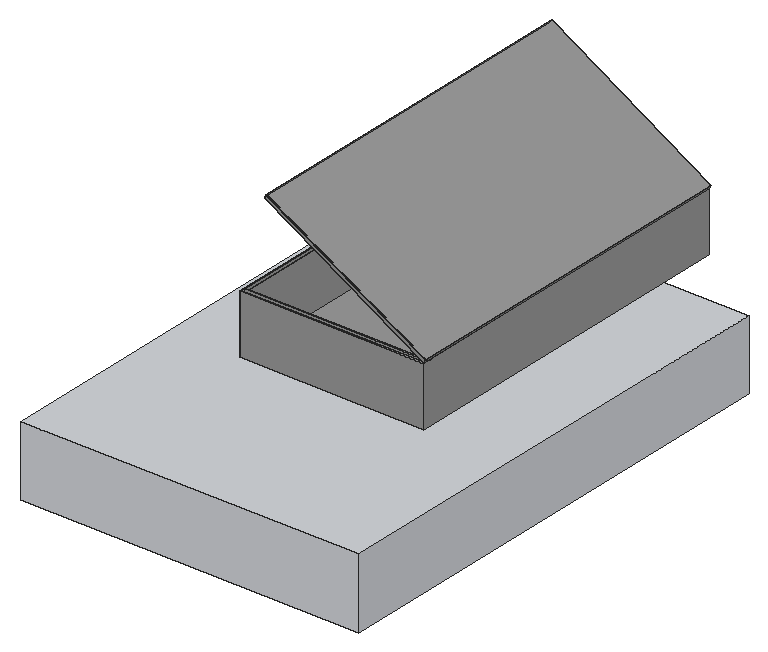
Revit family "Hager-Univers-IP55-D275-H1550-Cl.I-Steel_encl-PL-en", category Equipement électrique, Revit 2020
Family settings
  Hôte = Face
  Configuration du panneau = Deux colonnes, circuits au sein
  Cote de connecteur circulaire = Utiliser le diamètre
  Type d'élément = Tableau de raccordement
  Couper avec des vides une fois chargée = Non
  Partagée = Non
  Point de calcul de pièce = Non
Parameters (values of type "Surface mounted (plaster) IP55 W800 H1550 D275  - FR03E")
  Width Control [instance] = if([EF000008 - Width] > Min Width, [EF000008 - Width], Min Width)  # 800 mm
  Commentaires du type = [HG000003 - Range]  # "Univers"
  Thickness Door [instance] = if([EF009171 - Material plate thickness door/cover] > 3 mm, 3 mm, [EF009171 - Material plate thickness door/cover])  # 1.5 mm
  Seal Frame Offset [instance] = 17 mm  # constant formula
  Plinth Visibility [instance] = [HG000027 - Plinth height] > 0 mm  # no
  Model = ""
  Min Width [instance] = 100 mm  # constant formula
  Min Height [instance] = 100 mm  # constant formula
  Min Depth [instance] = (2 * [EF009170 - Material plate thickness cabinet]) + 1 mm  # 4 mm
  Internal Frame Depth [instance] = (Door System Depth * 0.5)  # 9 mm
  Height Control [instance] = if([EF000040 - Height] > Min Height, [EF000040 - Height], Min Height)  # 1550 mm
  HG000027 - Plinth height = 0 mm
  HG000026 - Floor standing = no
  HG000024 - Bottom section height = 800 mm
  HG000023 - Double section enclosure = no
  HG000016 - Door 3d visibility [instance] = yes
  HG000015 - Clearance visibility [instance] = no
  HG000014 - Door on the right [instance] = yes
  HG000013 - Door on the left [instance] = not([HG000014 - Door on the right])  # no
  HG000012 - Door swing angle [instance] = 30.00°
  HG000010 - Asymmetric doors = no
  HG000009 - Double swing door = no
  HG000006 - Flush mounted = no
  HG000004 - Manufacturer reference = "FR03E"
  HG000003 - Range = "Univers"
  HG000002 - With door or cover = yes
  Frame Offset Bottom [instance] = 10 mm  # constant formula
  Frame Offset [instance] = 15 mm  # constant formula
  EF015940 - Cover with overpressure release = no
  EF011959 - Degree of protection (NEMA) = ""
  EF009554 - Number of openings for flange plates = 6
  EF009212 - Cover model = "EV000116 - Closed"
  EF009171 - Material plate thickness door/cover = 1.5 mm
  EF009170 - Material plate thickness cabinet = 1.5 mm
  Fabricant = "Hager"  # constant formula
  EF008873 - Nominal current (In) = 800 A
  EF007800 - Suitable for lightning protection = no
  EF006306 - With lock = no
  EF006244 - Transparent cover/door = no
  EF005474 - Degree of protection (IP) = "EV006420 - IP55"
  EF004464 - Type of door = "EV002646 - Single"
  EF004427 - Number of modules = 360
  EF004293 - Impact strength = "EV008784 - IK10"
  EF003532 - Suitable for outdoor use = no
  EF002950 - Width in number of modular spacings = 24
  EF001613 - Circuit integrity = "EV000494 - None"
  EF001596 - Material housing = "EV000179 - Steel"
  EF001131 - Internal depth = 275 mm
  EF001088 - Extension possible = yes
  EF000437 - Number of conduit inlets = 6
  EF000339 - Type of cover = "EV004216 - Door"
  EF000266 - Number of rows = 10
  EF000218 - Built-in depth = 0 mm
  EF000118 - With mounting plate = no
  EF000116 - RAL-number = "7035"
  EF000049 - Depth = 275 mm
  EF000040 - Height = 1550 mm
  EF000008 - Width = 800 mm
  EF000007 - Colour = "EV000270 - Grey"
  EF000003 - Mounting method = "EV000384 - Surface mounted (plaster)"
  Door System Leaf Tolerance [instance] = 1.5 mm  # constant formula
  Door System Depth [instance] = 18 mm  # constant formula
  Door Height [instance] = Height Control - [HG000027 - Plinth height]  # 1550 mm
  Depth Control [instance] = if([EF000049 - Depth] > Min Depth, [EF000049 - Depth], Min Depth)  # 275 mm
  Default Elevation = 0 mm
  Connector Offset [instance] = Height Control / 2  # 775 mm
  Bottom Top Plate Trim [instance] = 1.5 mm  # constant formula
  Plinth height Ctrl [instance] = if([HG000027 - Plinth height] > 0 mm, [HG000027 - Plinth height], 12 mm)  # 12 mm
Types (5, lengths in mm): name | Width Control | HG000010 - Asymmetric doors | HG000009 - Double swing door | HG000004 - Manufacturer reference | EF009554 - Number of openings for flange plates | EF004464 - Type of door | EF004427 - Number of modules | EF000437 - Number of conduit inlets | EF000008 - Width
  Surface mounted (plaster) IP55 W1050 H1550 D275  - FR04E | 1050 | no | yes | "FR04E" | 8 | "EV003602 - Double" | 480 | 8 | 1050
  Surface mounted (plaster) IP55 W1300 H1550 D275  - FR05E | 1300 | yes | yes | "FR05E" | 10 | "EV003602 - Double" | 600 | 10 | 1300
  Surface mounted (plaster) IP55 W300 H1550 D275  - FR01E | 300 | no | no | "FR01E" | 2 | "EV002646 - Single" | 120 | 2 | 300
  Surface mounted (plaster) IP55 W550 H1550 D275  - FR02E | 550 | no | no | "FR02E" | 4 | "EV002646 - Single" | 240 | 4 | 550
  Surface mounted (plaster) IP55 W800 H1550 D275  - FR03E | 800 | no | no | "FR03E" | 6 | "EV002646 - Single" | 360 | 6 | 800
Reference planes
  plane 1 "Center (Front/Back)": y = 0
  plane 2: z = 0
  plane 3 "Center (Left/Right)": x = 0
  plane 4: z = 275
  plane 5: y = 1.5
  plane 6: y = 775
  plane 7: y = 0
  plane 8: y = 1550
  plane 9: z = 0
  plane 10: x = -385
  plane 11: x = 385
  plane 12: x = 383.5
  plane 13: x = -383.5
  plane 14: y = 1548.5
  plane 15: x = -383
  plane 16: x = -400
  plane 17: x = 383
  plane 18: x = 400
  plane 19: x = 398.5
  plane 20: x = -398.5
  plane 21: y = 11.5
  plane 22: y = 1550
  plane 23: y = 1533.5
  plane 24: z = 257
  plane 25: z = 1.5
  plane 26: z = 255.5
  plane 27: z = 273.5
Forms (mm)
  Extrusion 1, solid
    sketch origin (0, 0, 0) x (1, 0, 0) y (0, 1, 0)
      loop
        line (-702.964, 1305) -> (-702.964, -811.445) -> (766.763, -811.445) -> (766.763, 1305) -> (-702.964, 1305)
    from 0 to -304.8
  Extrusion 2, solid, material "Hager_Steel_RAL7035_Light_Grey", visible <- "Plinth Visibility", detail levels medium+fine
    sketch origin (0, 0, 0) x (1, 0, 0) y (0, 1, 0)
      loop
        line (-400, 0) -> (400, 0) -> (400, 12) -> (-400, 12) -> (-400, 0)
    from 0 to 257
  Extrusion 3, solid, material "Hager_Steel_RAL7035_Light_Grey", detail levels medium+fine
    sketch origin (0, 0, 0) x (1, 0, 0) y (0, 1, 0)
      loop
        line (-400, 0) -> (400, 0) -> (400, 1550) -> (-400, 1550) -> (-400, 0)
    from 0 to 257
  Extrusion 4, void
    sketch origin (0, 0, 0) x (1, 0, 0) y (0, 1, 0)
      loop
        line (-398.5, 1.5) -> (398.5, 1.5) -> (398.5, 1548.5) -> (-398.5, 1548.5) -> (-398.5, 1.5)
    from 1.5 to 255.5
  Extrusion 5, void
    sketch origin (-381.607, -4572, 257) x (0, -1, 0) y (-1, 0, 0)
      loop
        line (-4583.5, 1.893) -> (-6105.5, 1.893) -> (-6105.5, -765.107) -> (-4583.5, -765.107) -> (-4583.5, 1.893)
    from 0 to 1.5 <- "EF009170 - Material plate thickness cabinet"
  Extrusion 6, solid, material "Hager_Steel_RAL7035_Light_Grey", detail levels fine
    sketch origin (0, 0, 257) x (1, 0, 0) y (0, 1, 0)
      loop
        line (-383.5, 1533.5) -> (-383.5, 11.5) -> (383.5, 11.5) -> (383.5, 1533.5) -> (-383.5, 1533.5)
      loop
        line (-385, 10) -> (385, 10) -> (385, 1535) -> (-385, 1535) -> (-385, 10)
    from 0 to 9 <- "Internal Frame Depth"
  Extrusion 7, solid, material "Hager_Steel_RAL7035_Light_Grey", detail levels coarse
    sketch origin (0, 0, 0) x (1, 0, 0) y (0, 1, 0)
      loop
        line (-400, 0) -> (400, 0) -> (400, 1550) -> (-400, 1550) -> (-400, 0)
    from 0 to 275
  Sweep 8, void
    path in 3D
      loop
        line (-400, 12, 0) -> (400, 12, 0) -> (400, 12, 257) -> (-400, 12, 257) -> (-400, 12, 0)
    profile origin (-400, 12, 128.5) x (-1, 0, 0) y (0, -1, 0)
      loop
        line (0, 0) -> (0, 1.5) -> (-1.5, 1.5)
        arc (-1.5, 1.5) -> (-1.061, 0.439) -> (0, 0) r 1.5
Cuts and joins
  Extrusion 4, Extrusion 5 cuts Extrusion 3
  Sweep 8 cuts Extrusion 2
Lines and regions (mm)
  Masking region 1
    outline origin (0, 0, 0) x (1, 0, 0) y (0, 0, 1)
      loop
        line (-400, 275) -> (-400, 0) -> (400, 0) -> (400, 275) -> (-400, 275)
  Masking region 2, detail levels medium+fine
    outline origin (0, 140, 0) x (0, 1, 0) y (0, 0, 1)
      loop
        line (-140, 0) -> (1410, 0) -> (1410, 257) -> (-140, 257) -> (-140, 0)
  Masking region 3, not visible, detail levels medium+fine
    outline origin (0, 297.922, 0) x (0, 1, 0) y (0, 0, 1)
      loop
        line (488.578, 0) -> (528.578, 0) -> (528.578, 263.5)
        arc (528.578, 263.5) -> (525.649, 270.571) -> (518.578, 273.5) r 10
        line (518.578, 273.5) -> (488.578, 273.5) -> (488.578, 0)
  Masking region 4, detail levels coarse
    outline origin (0, 0, 180) x (0, 1, 0) y (0, 0, 1)
      loop
        line (0, -180) -> (1550, -180) -> (1550, 95) -> (0, 95) -> (0, -180)
  Masking region 5, visible <- "Plinth Visibility", detail levels medium+fine
    outline origin (0, 52.24, 12.345) x (0, 0, -1) y (0, 1, 0)
      loop
        line (10.845, -40.24) -> (-243.155, -40.24)
        arc (-243.155, -40.24) -> (-243.594, -41.301) -> (-244.655, -41.74) r 1.5
        line (-244.655, -41.74) -> (-244.655, -52.24) -> (12.345, -52.24) -> (12.345, -41.74)
        arc (12.345, -41.74) -> (11.285, -41.301) -> (10.845, -40.24) r 1.5
  Masking region 6, detail levels medium+fine
    outline origin (-381.607, -4572, 257) x (-1, 0, 0) y (0, -1, 0)
      loop
        line (18.393, -6122) -> (18.393, -4572) -> (-781.607, -4572) -> (-781.607, -6122) -> (18.393, -6122)
  Masking region 7, visible <- "Plinth Visibility", detail levels medium+fine
    outline origin (-381.607, -4727, 257) x (-1, 0, 0) y (0, -1, 0)
      loop
        arc (16.893, -4739) -> (17.332, -4737.939) -> (18.393, -4737.5) r 1.5
        line (18.393, -4737.5) -> (18.393, -4727) -> (-781.607, -4727) -> (-781.607, -4737.5)
        arc (-781.607, -4737.5) -> (-780.546, -4737.939) -> (-780.107, -4739) r 1.5
        line (-780.107, -4739) -> (16.893, -4739)
  Masking region 8, detail levels coarse
    outline origin (-442.548, -4669.526, 257) x (-1, 0, 0) y (0, -1, 0)
      loop
        line (-42.548, -6219.526) -> (-42.548, -4669.526) -> (-842.548, -4669.526) -> (-842.548, -6219.526) -> (-42.548, -6219.526)
  sketch lines
    curve 1: line (-400, 12, 257) -> (-400, 12, 0)
    curve 2: line (400, 12, 257) -> (-400, 12, 257)
    curve 3: line (400, 12, 257) -> (400, 12, 0)
    curve 4: line (-400, 12, 0) -> (400, 12, 0)
Dimensions and locks
  "Depth Control": plane 4 to Extrusion 1
  "HG000027 - Plinth height": plane 1 "Center (Front/Back)" to plane 7
  "EF009170 - Material plate thickness cabinet": plane 5 to plane 7
  locked: connector elem to plane 3 "Center (Left/Right)"
  equal spacing: plane 8, plane 6, plane 7
  locked: connector elem to plane 6
  "EF009170 - Material plate thickness cabinet": plane 8 to plane 14
  "EF009170 - Material plate thickness cabinet": plane 10 to plane 13
  "EF009170 - Material plate thickness cabinet": plane 12 to plane 11
  "Frame Offset": plane 20 to plane 13
  "Frame Offset": plane 12 to plane 19
  "EF009170 - Material plate thickness cabinet": plane 16 to plane 20
  "EF009170 - Material plate thickness cabinet": plane 19 to plane 18
  "Seal Frame Offset": plane 16 to plane 15
  "Seal Frame Offset": plane 17 to plane 18
  "Frame Offset Bottom": plane 21 to plane 5
  "Frame Offset": plane 14 to plane 23
  equal spacing: plane 16, plane 3 "Center (Left/Right)", plane 18
  "Width Control": plane 16 to plane 18
  "EF009170 - Material plate thickness cabinet": plane 4 to plane 27
  "EF009170 - Material plate thickness cabinet": plane 24 to plane 26
  "EF009170 - Material plate thickness cabinet": plane 25 to level
  "Door System Depth": plane 4 to plane 24
  "Height Control": plane 1 "Center (Front/Back)" to Extrusion 7 sketch curve
  "Height Control": Masking region 4 sketch curve to plane 1 "Center (Front/Back)"
  "Height Control": plane 1 "Center (Front/Back)" to plane 22
  "Bottom Top Plate Trim": profile plane to Sweep 8 sketch curve
  "Bottom Top Plate Trim": Sweep 8 sketch curve to profile plane
  "Plinth height Ctrl": plane 1 "Center (Front/Back)" to Extrusion 2 sketch curve
  "Plinth height Ctrl": Masking region 5 sketch curve to plane 1 "Center (Front/Back)"
  "Plinth height Ctrl": plane 1 "Center (Front/Back)" to Masking region 7 sketch curve
  "Thickness Door": Extrusion 6 sketch curve to Extrusion 6 sketch curve  (x3)
  "Thickness Door": cut or joined group of Extrusion 3, Extrusion 4, Extrusion 5 to Extrusion 6 sketch curve
  radius of Masking region 3 sketch curve = 10 mm
  "Bottom Top Plate Trim": radius of Masking region 5 sketch curve  (x2)
  "Bottom Top Plate Trim": radius of Sweep 8 sketch curve
  "Bottom Top Plate Trim": radius of Masking region 7 sketch curve  (x2)
  aligned and locked: plane 2 to Extrusion 1
  aligned and locked: level to Extrusion 1
  aligned and locked: level to Masking region 1 sketch curve
  aligned and locked: Masking region 1 sketch curve to plane 18
  aligned and locked: Masking region 1 sketch curve to plane 16
  aligned and locked: plane 7 to Masking region 2 sketch curve
  aligned and locked: level to Masking region 3 sketch curve
  aligned and locked: Masking region 3 sketch curve to plane 27
  aligned and locked: level to Masking region 2 sketch curve
  aligned and locked: plane 1 "Center (Front/Back)" to Extrusion 2 sketch curve
  aligned and locked: Extrusion 3 sketch curve to plane 7
  aligned and locked: plane 16 to Extrusion 3 sketch curve
  aligned and locked: plane 18 to Extrusion 3 sketch curve
  aligned and locked: plane 20 to Extrusion 4 sketch curve
  aligned and locked: plane 19 to Extrusion 4 sketch curve
  aligned and locked: Extrusion 4 sketch curve to plane 5
  aligned and locked: Extrusion 4 to plane 25
  aligned and locked: plane 26 to Extrusion 4
  aligned and locked: plane 24 to Extrusion 3
  aligned and locked: Extrusion 5 sketch curve to plane 21
  aligned and locked: Extrusion 5 sketch curve to plane 13
  aligned and locked: Extrusion 5 sketch curve to plane 12
  aligned and locked: plane 18 to Extrusion 7 sketch curve
  aligned and locked: plane 1 "Center (Front/Back)" to Extrusion 7 sketch curve
  aligned and locked: plane 16 to Extrusion 7 sketch curve
  aligned and locked: plane 4 to Extrusion 7
  aligned and locked: Extrusion 7 to level
  aligned and locked: level to Masking region 4 sketch curve
  aligned and locked: Masking region 4 sketch curve to plane 1 "Center (Front/Back)"
  aligned and locked: Masking region 4 sketch curve to plane 4
  aligned and locked: nested 1 to level
  aligned and locked: nested 1 to plane 16
  aligned and locked: plane 8 to Extrusion 3 sketch curve
  aligned and locked: plane 23 to Extrusion 5 sketch curve
  aligned and locked: plane 14 to Extrusion 4 sketch curve
  aligned and locked: Masking region 2 sketch curve to plane 8
  aligned and locked: level to Masking region 5 sketch curve
  aligned and locked: plane 16 to Extrusion 2 sketch curve
  aligned and locked: plane 18 to Extrusion 2 sketch curve
  aligned and locked: Masking region 5 sketch curve to plane 24
  aligned and locked: Masking region 2 sketch curve to plane 24
  aligned and locked: plane 24 to Extrusion 2
  aligned and locked: profile plane to Sweep 8 sketch curve  (x2)
  aligned and locked: Masking region 6 sketch curve to plane 18
  aligned and locked: Masking region 6 sketch curve to plane 22
  aligned and locked: Masking region 6 sketch curve to plane 16
  aligned and locked: plane 8 to plane 22
  aligned and locked: Masking region 6 sketch curve to plane 7
  aligned and locked: Masking region 7 sketch curve to plane 16
  aligned and locked: Masking region 7 sketch curve to plane 1 "Center (Front/Back)"
  aligned and locked: Masking region 7 sketch curve to plane 18
  aligned and locked: Masking region 8 sketch curve to plane 1 "Center (Front/Back)"
  aligned and locked: Masking region 8 sketch curve to plane 18
  aligned and locked: Masking region 8 sketch curve to plane 22
  aligned and locked: Masking region 8 sketch curve to plane 16
  aligned and locked: nested 2 to plane 7
  aligned and locked: plane 3 "Center (Left/Right)" to nested 2
  aligned and locked: nested 2 to plane 24
  aligned and locked: Extrusion 6 sketch curve to cut or joined group of Extrusion 3, Extrusion 4, Extrusion 5  (x4)
Automatic sketch dimensions
  Extrusion 1 sketch curve to Extrusion 1 sketch curve = 1469.727 mm
  Extrusion 1 sketch curve to Extrusion 1 sketch curve = 2116.445 mm
  Masking region 1 sketch curve to plane 4 = 0 mm
  plane 6 to Masking region 3 sketch curve = 11.5 mm
  Masking region 3 sketch curve to Masking region 3 sketch curve = 30 mm
  Masking region 5 sketch curve to plane 1 "Center (Front/Back)" = 0 mm
Nested families
  nested 1: "Hager_Enclosure_Symbol" at (-400, 0, 0) x (1, 0, 0) z (0, -1, 0), Height <- "Depth Control", Width <- "Width Control", type "Hager_Enclosure_Symbol"
    with Width_Ctrl 800 mm, Width 800 mm, Height_Ctrl 275 mm, Height 275 mm, A_Width_Int 18.047 mm, A_Width 216.562 mm, A_Height_Ctrl 240.625 mm, A_Height 240.625 mm
  nested 2: "EC000058_Univers_Door" at (0, 0, 257) x (1, 0, 0) z (0, 1, 0), Leaf_Tolerance <- "Door System Leaf Tolerance", Angle <- "HG000012 - Door swing angle", Door_Depth <- "Door System Depth", Door_Left <- "HG000013 - Door on the left", Transparent <- "EF006244 - Transparent cover/door", Assymetrical <- "HG000010 - Asymmetric doors", Width <- "Width Control", Clearance <- "HG000015 - Clearance visibility", Double <- "HG000009 - Double swing door", 3d_Door <- "HG000016 - Door 3d visibility", Lock_Visibility <- "EF006306 - With lock", Width_Ctrl <- "Width Control", Door_Right <- "HG000014 - Door on the right", Door <- "HG000002 - With door or cover", Height <- "Door Height", Thickness <- "Thickness Door", type "EC000058_Univers_Door", detail levels medium+fine
    with min_wh 4 mm, Width_Ctrl 800 mm, Width 800 mm, Transparent no, Thickness 1.5 mm, Seal_Material Hager_Rubber, Lock_Visibility no, Lock_Material Hager_Plastic_RAL9005_Jet_Black, Leaf_Width 800 mm, Leaf_Tolerance_External_Sides 0 mm, Leaf_Tolerance 1.5 mm, Leaf_Offset 0 mm, Leaf_Height 1547 mm, Leaf_2_Width 800 mm, Leaf_2_Offset 400 mm, Leaf_1_Width 800 mm, Leaf_1_Offset 400 mm, Height_Ctrl 1550 mm, Height 1550 mm, Glass_Material Hager_Glass, Double_Clearance_Ctrl no, Double no, Door_Right_Ctrl yes, Door_Right yes, Door_Material Hager_Steel_RAL7035_Light_Grey, Door_Left_Ctrl no, Door_Left no, Door_Depth 18 mm, Door yes, Clearance_Material Hager_Clearance, Clearance_Depth 800 mm, Clearance_Ctrl no, Clearance no, Assymetrical no, Angle 30.00°, 3d_Door yes
Connectors
  electrical at (0, 775, 0)
    settings: on plane 9, index 1, voltage 0 V, apparent load 0 VA, apparent load phase1 0 VA, apparent load phase2 0 VA, apparent load phase3 0 VA, power factor 1, load classification "Other", number of poles 1, system type 30, power factor state 1, is connector primary yes, connector utility no, sub classification motor no, connector description ""
Definition of nested family "EC000058_Univers_Door"
  Parameters (values of type "EC000058_Univers_Door")
    min_wh [instance] = (2 * Thickness) + 1 mm  # 11 mm
    Width_Ctrl [instance] = 400 mm
    Width [instance] = 500 mm
    Transparent [instance] = yes
    Thickness [instance] = 5 mm
    Seal_Material [instance] = none
    Lock_Visibility [instance] = yes
    Lock_Material [instance] = none
    Leaf_Width [instance] = if((Width_Ctrl - 2 * Leaf_Tolerance_External_Sides) > 0 mm, (Width_Ctrl - 2 * Leaf_Tolerance_External_Sides), min_wh)  # 400 mm
    Leaf_Tolerance_External_Sides [instance] = 0 mm  # constant formula
    Leaf_Tolerance [instance] = 1.5 mm
    Leaf_Offset [instance] = 0 mm  # constant formula
    Leaf_Height [instance] = if((Height_Ctrl - 2 * Leaf_Tolerance) > 0 mm, (Height_Ctrl - 2 * Leaf_Tolerance), min_wh)  # 497 mm
    Leaf_2_Width [instance] = if(and(and(Double, Assymetrical), Door_Left), (Leaf_Width / 3) - (Leaf_Tolerance / 2), if(and(and(Double, Assymetrical), Door_Right), (Leaf_Width / 3) * 2 - (Leaf_Tolerance / 2), if(and(Double, not(Assymetrical)), (Leaf_Width / 2) - Leaf_Tolerance, Leaf_Width)))  # 400 mm
    Leaf_2_Offset [instance] = if(and(Double, Assymetrical), Leaf_2_Width / 2, if(and(Double, not(Assymetrical)), Leaf_Width / 4, Leaf_Width / 2))  # 200 mm
    Leaf_1_Width [instance] = if(and(and(Double, Assymetrical), Door_Right), (Leaf_Width / 3) - (Leaf_Tolerance / 2), if(and(and(Double, Assymetrical), Door_Left), (Width / 3) * 2 - (Leaf_Tolerance / 2), if(and(Double, not(Assymetrical)), (Leaf_Width / 2) - Leaf_Tolerance, Leaf_Width)))  # 400 mm
    Leaf_1_Offset [instance] = if(and(Double, Assymetrical), Leaf_1_Width / 2, if(and(Double, not(Assymetrical)), Leaf_Width / 4, Leaf_Width / 2))  # 200 mm
    Height_Ctrl [instance] = if(Height > min_wh, Height, min_wh)  # 500 mm
    Height [instance] = 500 mm
    Glass_Material [instance] = none
    Double_Clearance_Ctrl [instance] = and(Double, Clearance)  # no
    Double [instance] = no
    Door_Right_Ctrl [instance] = and(or(Door_Right, Double), Door)  # yes
    Door_Right [instance] = yes
    Door_Material [instance] = none
    Door_Left_Ctrl [instance] = and(or(Door_Left, Double), Door)  # no
    Door_Left [instance] = no
    Door_Depth [instance] = 30 mm
    Door [instance] = yes
    Default Elevation = 1219.2 mm
    Clearance_Material [instance] = none
    Clearance_Depth [instance] = if(Leaf_1_Width > Leaf_2_Width, Leaf_1_Width, Leaf_2_Width)  # 400 mm
    Clearance_Ctrl [instance] = and(not(Double), Clearance)  # yes
    Clearance [instance] = yes
    Assymetrical [instance] = yes
    Angle [instance] = 30.00°
    3d_Door [instance] = yes
  Reference planes
    plane 1 "Center (Front/Back)": y = 0
    plane 2 "Bottom": z = 0
    plane 3 "Center (Left/Right)": x = 0
    plane 4: z = 500
    plane 5: x = -200
    plane 6: x = 200
    plane 7: z = 500
    plane 8: x = -200
    plane 9: z = 0
    plane 10: x = 200
    plane 11: y = 0
    plane 12: z = 1.5
    plane 13: x = -600
    plane 14: y = -400
    plane 15: x = 600
    plane 16: x = 0
    plane 17: x = 0
    plane 18: x = -200
    plane 19: x = 200
    plane 20: z = 498.5
  Forms (mm)
    Extrusion 1, solid, material <- "Clearance_Material", visible <- "Double_Clearance_Ctrl"
      sketch origin (1200, 0, 0) x (1, 0, 0) y (0, 0, -1)
        loop
          line (-1800, -498.5) -> (-600, -498.5) -> (-600, 0) -> (-1800, 0) -> (-1800, -498.5)
      from 0 to -400
  Dimensions and locks
    equal spacing: plane 5, plane 3 "Center (Left/Right)", plane 6
    "Width_Ctrl": plane 5 to plane 6
    "Leaf_Offset": plane 5 to plane 8
    "Leaf_Offset": plane 6 to plane 10
    "Leaf_Offset": plane 9 to level
    "Leaf_Offset": plane 4 to plane 7
    "Height_Ctrl": plane 4 to level
    "Leaf_Tolerance": plane 12 to plane 9
    locked: plane 11 to plane 1 "Center (Front/Back)"
    "Leaf_1_Offset": plane 18 to plane 16
    "Leaf_2_Offset": plane 17 to plane 19
    "Leaf_1_Width": plane 13 to plane 8
    "Leaf_2_Width": plane 10 to plane 15
    "Clearance_Depth": plane 14 to plane 1 "Center (Front/Back)"
    "Leaf_Tolerance_External_Sides": plane 8 to plane 18
    "Leaf_Tolerance_External_Sides": plane 19 to plane 10
    "Leaf_Tolerance": plane 7 to plane 20
    aligned and locked: level to plane 2 "Bottom"
    aligned and locked: nested 1 to plane 16
    aligned and locked: nested 2 to plane 17
    aligned and locked: Extrusion 1 to plane 13
    aligned and locked: plane 15 to Extrusion 1
    aligned and locked: Extrusion 1 to plane 14
    aligned and locked: plane 12 to nested 1
    aligned and locked: nested 2 to plane 12
    aligned and locked: Extrusion 1 to plane 11
    aligned and locked: plane 20 to Extrusion 1
    aligned and locked: nested 2 to plane 11
    aligned and locked: nested 1 to plane 11
  Automatic sketch dimensions
    Extrusion 1 sketch curve to level = 0 mm
    plane 5 to Extrusion 1 sketch curve = 400 mm
    plane 6 to Extrusion 1 sketch curve = 400 mm
    Extrusion 1 sketch curve to plane 4 = 1.5 mm
  Nested families
    nested 1: "EC000058_Univers_Door_Leaf" at (0, 0, 1.5), Width <- "Leaf_1_Width", visible <- "Door_Left_Ctrl", Leaf_Height <- "Leaf_Height", Angle <- "Angle", 3d_Door <- "3d_Door", Transparent <- "Transparent", Clearance Material <- "Clearance_Material", Clearance <- "Clearance_Ctrl", Door_Material <- "Door_Material", Glass_Material <- "Glass_Material", Door_Depth <- "Door_Depth", Lock_Material <- "Lock_Material", Seal_Material <- "Seal_Material", Lock_Visibility <- "Lock_Visibility", Thickness <- "Thickness", type "EC000058_Univers_Door_Leaf"
      with Width 400 mm, Transparent_Glass_Offset 30 mm, Transparent_Ctrl yes, Transparent yes, Thickness 5 mm, Standard no, Seal_Material none, Seal_D2 8 mm, Seal_D1 1 mm, Offset_Internal_Frame 10 mm, Lock_Width 20 mm, Lock_Visibility_3d yes, Lock_Visibility yes, Lock_Thickness_3 3 mm, Lock_Thickness_2 1 mm, Lock_Thickness_1 3 mm, Lock_Radius_Offset_2 16 mm, Lock_Radius_Offset_1 15 mm, Lock_Radius_2 5 mm, Lock_Radius 6 mm, Lock_Offset 5 mm, Lock_Material none, Lock_Height 80 mm, Lock_Cover_Top_Offset_2d 17 mm, Lock_Cover_Height -65 mm, Leaf_Height 497 mm, Internal_Seal_Thickness 8 mm, Internal_Seal_Depth_2 4.5 mm, Internal_Frame_Depth 25 mm, Glass_Thickness -1 mm, Glass_Offset -2 mm, Glass_Material none, Door_Material none, Door_Depth 30 mm, Clearance Material none, Clearance yes, Angle_Ctrl 30.00°, Angle 30.00°, 3d_Door yes
    nested 2: "EC000058_Univers_Door_Leaf" at (0, 0, 1.5) x (-1, 0, 0) z (0, 0, 1), Width <- "Leaf_2_Width", visible <- "Door_Right_Ctrl", Leaf_Height <- "Leaf_Height", Angle <- "Angle", 3d_Door <- "3d_Door", Transparent <- "Transparent", Clearance Material <- "Clearance_Material", Clearance <- "Clearance_Ctrl", Door_Material <- "Door_Material", Glass_Material <- "Glass_Material", Door_Depth <- "Door_Depth", Lock_Material <- "Lock_Material", Seal_Material <- "Seal_Material", Lock_Visibility <- "Lock_Visibility", Thickness <- "Thickness", type "EC000058_Univers_Door_Leaf"
      with Width 400 mm, Transparent_Glass_Offset 30 mm, Transparent_Ctrl yes, Transparent yes, Thickness 5 mm, Standard no, Seal_Material none, Seal_D2 8 mm, Seal_D1 1 mm, Offset_Internal_Frame 10 mm, Lock_Width 20 mm, Lock_Visibility_3d yes, Lock_Visibility yes, Lock_Thickness_3 3 mm, Lock_Thickness_2 1 mm, Lock_Thickness_1 3 mm, Lock_Radius_Offset_2 16 mm, Lock_Radius_Offset_1 15 mm, Lock_Radius_2 5 mm, Lock_Radius 6 mm, Lock_Offset 5 mm, Lock_Material none, Lock_Height 80 mm, Lock_Cover_Top_Offset_2d 17 mm, Lock_Cover_Height -65 mm, Leaf_Height 497 mm, Internal_Seal_Thickness 8 mm, Internal_Seal_Depth_2 4.5 mm, Internal_Frame_Depth 25 mm, Glass_Thickness -1 mm, Glass_Offset -2 mm, Glass_Material none, Door_Material none, Door_Depth 30 mm, Clearance Material none, Clearance yes, Angle_Ctrl 30.00°, Angle 30.00°, 3d_Door yes
  Definition of nested family "EC000058_Univers_Door_Leaf"
    Parameters (values of type "EC000058_Univers_Door_Leaf")
      Width [instance] = 2000 mm
      Transparent_Glass_Offset [instance] = 30 mm
      Transparent_Ctrl [instance] = and(Transparent, [3d_Door])  # yes
      Transparent [instance] = yes
      Thickness [instance] = 5 mm
      Standard [instance] = and(not(Transparent), [3d_Door])  # no
      Seal_Material [instance] = none
      Seal_D2 [instance] = 8 mm  # constant formula
      Seal_D1 [instance] = 1 mm  # constant formula
      Offset_Internal_Frame [instance] = 10 mm  # constant formula
      Lock_Width [instance] = 20 mm  # constant formula
      Lock_Visibility_3d [instance] = and(Lock_Visibility, [3d_Door])  # yes
      Lock_Visibility [instance] = yes
      Lock_Thickness_3 [instance] = 3 mm  # constant formula
      Lock_Thickness_2 [instance] = 1 mm  # constant formula
      Lock_Thickness_1 [instance] = 3 mm  # constant formula
      Lock_Radius_Offset_2 [instance] = Lock_Radius_Offset_1 + 1 mm  # 16 mm
      Lock_Radius_Offset_1 [instance] = 15 mm  # constant formula
      Lock_Radius_2 [instance] = Lock_Radius - 1 mm  # 5 mm
      Lock_Radius [instance] = 6 mm  # constant formula
      Lock_Offset [instance] = 5 mm  # constant formula
      Lock_Material [instance] = none
      Lock_Height [instance] = 80 mm  # constant formula
      Lock_Cover_Top_Offset_2d [instance] = Lock_Radius_Offset_2 + 1 mm  # 17 mm
      Lock_Cover_Height [instance] = -(Lock_Height - Lock_Radius_Offset_1)  # -65 mm
      Leaf_Height [instance] = 2720.336 mm
      Internal_Seal_Thickness [instance] = 8 mm  # constant formula
      Internal_Seal_Depth_2 [instance] = 4.5 mm  # constant formula
      Internal_Frame_Depth [instance] = if(Door_Depth - Thickness > 5 mm, Door_Depth - Thickness, 5 mm)  # 25 mm
      Glass_Thickness [instance] = if(Thickness > 15 mm, Glass_Offset + 10 mm, -1 mm)  # -1 mm
      Glass_Offset [instance] = if(Thickness > 15 mm, -(Thickness + 10 mm) / 2, -2 mm)  # -2 mm
      Glass_Material [instance] = none
      Door_Material [instance] = none
      Door_Depth [instance] = 30 mm
      Default Elevation = 0 mm
      Clearance Material [instance] = none
      Clearance [instance] = yes
      Angle_Ctrl [instance] = if(Angle > 180.00°, 180.00°, Angle)  # 90.00°
      Angle [instance] = 90.00°
      3d_Door [instance] = yes
    Reference planes
      plane 1 "Center (Front/Back)": y = 0
      plane 2: z = 0
      plane 3 "Center (Left/Right)": x = 0
      plane 4: y = 2000
      plane 5: x = -1000
      plane 6: x = 1000
      plane 7: x = -3000
      plane 8: z = 2720.336
      plane 9: z = 30
      plane 10: z = 2690.336
      plane 11: x = 970
      plane 12: x = -970
      plane 13: y = -3
      plane 14: z = 107.833
      plane 15: y = -5
      plane 16: y = -223.314
      plane 17: x = -1000
      plane 18: z = 1360.168
      plane 19: y = 30
    Forms (mm)
      Extrusion 1, solid, material <- "Clearance Material", visible <- "Clearance"
        sketch origin (0, 0, 0) x (1, 0, 0) y (0, 0, 1)
          loop
            line (-3000, 2720.336) -> (-3000, 0) -> (1000, 0) -> (1000, 2720.336) -> (-3000, 2720.336)
        from 0 to -2000
      Extrusion 2, solid, material <- "Door_Material", visible <- "Standard", detail levels medium+fine
        sketch origin (-1000, 0, 0) x (0, 1, 0) y (-1, 0, 0)
          loop
            line (0, 30) -> (0, 25) -> (2000, 25) -> (2000, 30) -> (0, 30)
        from 0 to 2720.336 <- "Leaf_Height"
      Extrusion 3, solid, material <- "Door_Material", visible <- "Transparent_Ctrl", detail levels medium+fine
        sketch origin (-1000, 0, 0) x (0, 1, 0) y (-1, 0, 0)
          loop
            line (0, 25) -> (2000, 25) -> (2000, 30) -> (0, 30) -> (0, 25)
        from 0 to 2720.336 <- "Leaf_Height"
      Extrusion 4, void
        sketch origin (-1025, 2000, 0) x (0, 1, 0) y (0, 0, -1)
          loop
            line (-30, -2690.336) -> (-30, -30) -> (-1970, -30) -> (-1970, -2690.336) -> (-30, -2690.336)
        from 0 to 5 <- "Thickness"
      Sweep 5, solid, material <- "Seal_Material", visible <- "Transparent_Ctrl", detail levels fine
        path in 3D
          loop
            line (-1025, 30, 30) -> (-1025, 30, 2690.336) -> (-1025, 1970, 2690.336) -> (-1025, 1970, 30) -> (-1025, 30, 30)
        profile origin (-1025, 1000, 30) x (1, 0, 0) y (0, 0, 1)
          loop
            line (0, 0) -> (0, -8) -> (1, -8) -> (1, 0) -> (0, 0)
      Extrusion 6, solid, material <- "Glass_Material", visible <- "Transparent_Ctrl", detail levels medium+fine
        sketch origin (-1030, 0, 0) x (0, 1, 0) y (0, 0, -1)
          loop
            line (1970, -2690.336) -> (1970, -30) -> (30, -30) -> (30, -2690.336) -> (1970, -2690.336)
        from -2 <- "Glass_Offset" to -1 <- "Glass_Thickness"
      Extrusion 7, solid, material <- "Door_Material", visible <- "3d_Door", detail levels medium+fine
        sketch origin (-1025, 2000, 0) x (0, -1, 0) y (0, 0, -1)
          loop
            line (0, -2720.336) -> (2000, -2720.336) -> (2000, 0) -> (0, 0) -> (0, -2720.336)
          loop
            line (1995, -5) -> (5, -5) -> (5, -2715.336) -> (1995, -2715.336) -> (1995, -5)
        from 0 to 25 <- "Internal_Frame_Depth"
      Sweep 8, solid, material <- "Seal_Material", visible <- "Transparent_Ctrl", detail levels fine
        path in 3D
          loop
            line (-1025, 0, 0) -> (-1025, 2000, 0) -> (-1025, 2000, 2720.336) -> (-1025, 0, 2720.336) -> (-1025, 0, 0)
        profile origin (-1025, 0, 1360.168) x (1, 0, 0) y (0, 1, 0)
          loop
            line (0, 10) -> (2.975, 10)
            arc (2.975, 10) -> (4.053, 10.447) -> (4.5, 11.525) r 1.525
            line (4.5, 11.525) -> (4.5, 16.527)
            arc (4.5, 16.527) -> (4.069, 17.569) -> (3.027, 18) r 1.473
            line (3.027, 18) -> (0, 18) -> (0, 10)
      Extrusion 9, solid, material <- "Lock_Material", visible <- "Lock_Visibility_3d", detail levels fine
        sketch origin (-1030, 0, 0) x (0, 1, 0) y (0, 0, -1)
          loop
            arc (1993.5, -1400.168) -> (1994.561, -1399.729) -> (1995, -1398.668) r 1.5
            line (1995, -1398.668) -> (1995, -1320.168) -> (1975, -1320.168) -> (1975, -1398.668)
            arc (1975, -1398.668) -> (1975.439, -1399.729) -> (1976.5, -1400.168) r 1.5
            line (1976.5, -1400.168) -> (1993.5, -1400.168)
        from 3 <- "Lock_Thickness_1" to 0
      Blend 10, solid, material <- "Lock_Material", visible <- "Lock_Visibility_3d", detail levels fine
        base sketch origin (-1033, 0, 0) x (0, 1, 0) y (0, 0, -1)
          loop
            line (1975, -1320.168) -> (1975, -1398.668)
            arc (1975, -1398.668) -> (1975.439, -1399.729) -> (1976.5, -1400.168) r 1.5
            line (1976.5, -1400.168) -> (1993.5, -1400.168)
            arc (1993.5, -1400.168) -> (1994.561, -1399.729) -> (1995, -1398.668) r 1.5
            line (1995, -1398.668) -> (1995, -1320.168) -> (1975, -1320.168)
        top sketch origin (-1033, 0, 0) x (0, 1, 0) y (0, 0, -1)
          loop
            line (1976, -1320.168) -> (1976, -1398.668)
            arc (1976, -1398.668) -> (1976.146, -1399.022) -> (1976.5, -1399.168) r 0.5
            line (1976.5, -1399.168) -> (1993.5, -1399.168)
            arc (1993.5, -1399.168) -> (1993.854, -1399.022) -> (1994, -1398.668) r 0.5
            line (1994, -1398.668) -> (1994, -1320.168) -> (1976, -1320.168)
        from 0 to 1 <- "Lock_Thickness_2"
      Blend 11, solid, material <- "Lock_Material", visible <- "Lock_Visibility_3d", detail levels fine
        base sketch origin (-1034, 0, 0) x (0, 1, 0) y (0, 0, -1)
          loop
            line (1978, -1320.168) -> (1978, -1384.168)
            arc (1978, -1384.168) -> (1985, -1391.168) -> (1992, -1384.168) r 7
            line (1992, -1384.168) -> (1992, -1320.168) -> (1978, -1320.168)
        top sketch origin (-1034, 0, 0) x (0, 1, 0) y (0, 0, -1)
          loop
            line (1991, -1320.168) -> (1979, -1320.168) -> (1979, -1383.168)
            arc (1979, -1383.168) -> (1985, -1389.168) -> (1991, -1383.168) r 6
            line (1991, -1383.168) -> (1991, -1320.168)
        from 0 to 3 <- "Lock_Thickness_3"
      Extrusion 12, solid, material <- "Lock_Material", visible <- "Lock_Visibility_3d", detail levels fine
        sketch origin (-1030, 1975, 1320.168) x (1, 0, 0) y (0, -1, 0)
          loop
            line (-7, -19) -> (-7, -1) -> (0, -1) -> (0, 0) -> (-8, 0) -> (-8, -20) -> (0, -20) -> (0, -19) -> (-7, -19)
        from 0 to -65 <- "Lock_Cover_Height"
      Extrusion 13, void
        sketch origin (-1038, 1995, 1320.168) x (-1, 0, 0) y (0, 0, -1)
          loop
            line (-5, -65) -> (0, -65) -> (-5, -60) -> (-5, -65)
        from 0 to 20 <- "Lock_Width"
      Extrusion 14, void
        sketch origin (-1038, 1975, 1320.168) x (0, -1, 0) y (0, 0, -1)
          loop
            circle (-10, -15.995) r 6
          loop
            circle (-10, -15.995) r 5
        from 0 to 2
      Extrusion 15, solid, material <- "Lock_Material", visible <- "Lock_Visibility_3d", detail levels medium
        sketch origin (-1030, 0, 0) x (0, 1, 0) y (0, 0, -1)
          loop
            arc (1993.5, -1400.168) -> (1994.561, -1399.729) -> (1995, -1398.668) r 1.5
            line (1995, -1398.668) -> (1995, -1320.168) -> (1975, -1320.168) -> (1975, -1398.668)
            arc (1975, -1398.668) -> (1975.439, -1399.729) -> (1976.5, -1400.168) r 1.5
            line (1976.5, -1400.168) -> (1993.5, -1400.168)
        from 8 to 0
    Cuts and joins
      Extrusion 4 cuts Extrusion 3
      Extrusion 13, Extrusion 14 cuts Extrusion 9
      Extrusion 14 cuts Blend 11
      Extrusion 13, Extrusion 14 cuts Extrusion 12
      joined: Extrusion 9, Blend 10, Blend 11, Extrusion 12
      Extrusion 14 cuts Extrusion 15
    Lines and regions (mm)
      Masking region 1, visible <- "Lock_Visibility", detail levels fine
        outline origin (0, 0, 0) x (0, 1, 0) y (0, 0, 1)
          loop
            line (30, 1320.168) -> (33, 1320.168) -> (33, 1400.168) -> (30, 1400.168) -> (30, 1320.168)
      Masking region 2, visible <- "Lock_Visibility", detail levels fine
        outline origin (0, 3.143, 0) x (0, 1, 0) y (0, 0, 1)
          loop
            line (29.857, 1354.168) -> (30.857, 1354.168) -> (30.857, 1366.168) -> (29.857, 1366.168) -> (29.857, 1354.168)
      Masking region 3, detail levels medium+fine
        outline origin (0, 0, 0) x (0, 1, 0) y (0, 0, 1)
          loop
            line (0, 0) -> (30, 0) -> (30, 2720.336) -> (0, 2720.336) -> (0, 0)
      Masking region 4, detail levels medium+fine
        outline origin (0, 0, 0) x (1, 0, 0) y (0, 0, 1)
          loop
            line (-1000, 2720.336) -> (-1000, 0) -> (1000, 0) -> (1000, 2720.336) -> (-1000, 2720.336)
      Masking region 5, visible <- "Lock_Visibility", detail levels fine
        outline origin (-47.116, 0, 0) x (1, 0, 0) y (0, 0, 1)
          loop
            arc (1024.616, 1399.168) -> (1023.556, 1398.729) -> (1023.116, 1397.668) r 1.5
            line (1023.116, 1397.668) -> (1023.116, 1320.168) -> (1041.116, 1320.168) -> (1041.116, 1397.668)
            arc (1041.116, 1397.668) -> (1040.677, 1398.729) -> (1039.616, 1399.168) r 1.5
            line (1039.616, 1399.168) -> (1024.616, 1399.168)
      Masking region 6, visible <- "Lock_Visibility", detail levels medium+fine
        outline origin (-25, 0, 0) x (1, 0, 0) y (0, 0, 1)
          loop
            arc (1001.5, 1400.168) -> (1000.439, 1399.729) -> (1000, 1398.668) r 1.5
            line (1000, 1398.668) -> (1000, 1320.168) -> (1020, 1320.168) -> (1020, 1398.668)
            arc (1020, 1398.668) -> (1019.561, 1399.729) -> (1018.5, 1400.168) r 1.5
            line (1018.5, 1400.168) -> (1001.5, 1400.168)
      Masking region 7, visible <- "Lock_Visibility", detail levels fine
        outline origin (-73.735, 0, 0) x (1, 0, 0) y (0, 0, 1)
          loop
            line (1051.735, 1382.168) -> (1065.735, 1382.168) -> (1065.735, 1384.168)
            arc (1065.735, 1384.168) -> (1058.735, 1391.168) -> (1051.735, 1384.168) r 7
            line (1051.735, 1384.168) -> (1051.735, 1382.168)
      Masking region 8, visible <- "Lock_Visibility", detail levels fine
        outline origin (-73.735, 0, 0) x (1, 0, 0) y (0, 0, 1)
          loop
            line (1052.735, 1382.168) -> (1064.735, 1382.168) -> (1064.735, 1383.168)
            arc (1064.735, 1383.168) -> (1058.735, 1389.168) -> (1052.735, 1383.168) r 6
            line (1052.735, 1383.168) -> (1052.735, 1382.168)
      Masking region 9, visible <- "Lock_Visibility", detail levels fine
        outline origin (-25, 0, 0) x (1, 0, 0) y (0, 0, 1)
          loop
            line (1020, 1320.168) -> (1020, 1382.168) -> (1000, 1382.168) -> (1000, 1320.168) -> (1020, 1320.168)
      Masking region 10, detail levels medium+fine
        outline origin (0, 0, 0) x (1, 0, 0) y (0, 0, 1)
          loop
            circle (985, 1335.144) r 6
      Masking region 11, detail levels fine
        outline origin (0, 0, 0) x (1, 0, 0) y (0, 0, 1)
          loop
            circle (985, 1335.144) r 5
      Masking region 12, visible <- "Lock_Visibility", detail levels fine
        outline origin (0, 12.767, 0) x (0, 1, 0) y (0, 0, 1)
          loop
            line (20.233, 1320.168) -> (21.233, 1320.168) -> (21.233, 1399.168) -> (20.233, 1400.168) -> (20.233, 1320.168)
      Masking region 13, visible <- "Lock_Visibility", detail levels fine
        outline origin (0, 13.767, -10) x (0, 1, 0) y (0, 0, 1)
          loop
            line (20.233, 1330.168) -> (23.233, 1330.168) -> (23.233, 1399.168) -> (20.233, 1402.168) -> (20.233, 1330.168)
      Masking region 14, visible <- "Lock_Visibility", detail levels fine
        outline origin (0, 12.767, -10) x (0, 1, 0) y (0, 0, 1)
          loop
            line (20.233, 1330.168) -> (25.233, 1330.168) -> (25.233, 1399.305) -> (20.233, 1394.305) -> (20.233, 1330.168)
      Masking region 15, visible <- "Lock_Visibility", detail levels medium
        outline origin (0, 0, 0) x (0, 1, 0) y (0, 0, 1)
          loop
            line (30, 1320.168) -> (38, 1320.168) -> (38, 1400.168) -> (30, 1400.168) -> (30, 1320.168)
      Masking region 16, visible <- "Lock_Visibility", detail levels fine
        outline origin (-1000, 0, 0) x (0, 1, 0) y (-1, 0, 0)
          loop
            line (1975, 30) -> (1995, 30) -> (1995, 38) -> (1975, 38) -> (1975, 30)
          loop
            line (1979, 37) -> (1976, 37) -> (1976, 34) -> (1978, 34) -> (1979, 37)
          loop
            line (1994, 37) -> (1991, 37) -> (1992, 34) -> (1994, 34) -> (1994, 37)
      Masking region 17, visible <- "Lock_Visibility", detail levels medium
        outline origin (-1000, 0, 0) x (0, 1, 0) y (-1, 0, 0)
          loop
            line (1975, 30) -> (1995, 30) -> (1995, 38) -> (1975, 38) -> (1975, 30)
      symbolic lines
        curve 1: line (1000, 0, 0) -> (-3000, 0, 0)
        curve 2: arc (1000, 0, 0) -> (-1000, 2000, 0) -> (-3000, 0, 0) r 2000
        curve 4: line (-1030, 0, 0) -> (-1030, 2000, 0)
      reference lines
        curve 3: line (-1000, 0, 0) -> (-1000, 2000, 0)
      symbolic lines, detail levels medium+fine
        curve 5: line (-1030, 2000, 0) -> (-1025, 2000, 0)
        curve 7: line (-1025, 0, 0) -> (-1030, 0, 0)
        curve 8: line (-1025, 0, 0) -> (-1000, 0, 0)
        curve 9: line (-1000, 0, 0) -> (-1000, 2000, 0)
        curve 10: line (-1000, 2000, 0) -> (-1025, 2000, 0)
      symbolic lines, detail levels fine
        curve 6: line (-1025, 2000, 0) -> (-1025, 0, 0)
      sketch lines
        curve 11: line (-1025, 0, 2720.336) -> (-1025, 0, 0)
        curve 12: line (-1025, 2000, 0) -> (-1025, 0, 0)
        curve 13: line (-1025, 2000, 2720.336) -> (-1025, 2000, 0)
        curve 14: line (-1025, 0, 2720.336) -> (-1025, 2000, 2720.336)
        curve 15: line (-1025, 1970, 30) -> (-1025, 30, 30)
        curve 16: line (-1025, 30, 30) -> (-1025, 30, 2690.336)
        curve 17: line (-1025, 1970, 2690.336) -> (-1025, 1970, 30)
        curve 18: line (-1025, 30, 2690.336) -> (-1025, 1970, 2690.336)
      symbolic lines, visible <- "Transparent", detail levels medium+fine
        curve 19: line (-970, 0, 2690.336) -> (970, 0, 2690.336)
        curve 20: line (-970, 0, 30) -> (-970, 0, 2690.336)
        curve 21: line (970, 0, 30) -> (-970, 0, 30)
        curve 22: line (970, 0, 2690.336) -> (970, 0, 30)
    Dimensions and locks
      "Width": plane 1 "Center (Front/Back)" to plane 4
      equal spacing: plane 5, plane 3 "Center (Left/Right)", plane 6
      "Width": plane 5 to plane 6
      "Width": plane 7 to plane 5
      "Leaf_Height": plane 8 to level
      "Width": curve 5 to curve 3
      "Width": curve 3 to curve 3
      plane 8 to plane 10 = 30 mm
      plane 9 to level = 30 mm
      plane 12 to plane 5 = 30 mm
      plane 6 to plane 11 = 30 mm
      Extrusion 1 to Extrusion 4 sketch curve = 30 mm
      "Transparent_Glass_Offset": curve 3 to Extrusion 4 sketch curve
      "Transparent_Glass_Offset": Extrusion 4 sketch curve to cut or joined group of Extrusion 3, Extrusion 4  (x2)
      cut or joined group of Extrusion 3, Extrusion 4 to Extrusion 6 sketch curve = 30 mm
      "Transparent_Glass_Offset": cut or joined group of Extrusion 3, Extrusion 4 to Extrusion 4 sketch curve
      "Thickness": curve 6 to curve 4
      "Thickness": Extrusion 7 sketch curve to Extrusion 7 sketch curve  (x4)
      "Door_Depth": curve 4 to curve 3
      "Offset_Internal_Frame": profile plane to Sweep 8 sketch curve
      "Internal_Seal_Thickness": Sweep 8 sketch curve to Sweep 8 sketch curve
      "Internal_Seal_Depth_2": profile plane to Sweep 8 sketch curve
      "Seal_D1": profile plane to Sweep 5 sketch curve
      "Seal_D2": profile plane to Sweep 5 sketch curve
      "Thickness": Extrusion 2 sketch curve to Extrusion 2 sketch curve
      equal spacing: Extrusion 9 sketch curve, plane 18, Extrusion 9 sketch curve  (x2)
      equal spacing: Masking region 1 sketch curve, plane 18, Masking region 1 sketch curve
      "Lock_Height": Masking region 1 sketch curve to Masking region 1 sketch curve
      "Lock_Radius": Masking region 2 sketch curve to plane 18 to Masking region 2 sketch curve
      Masking region 2 sketch curve to Masking region 1 = 1 mm
      "Door_Depth": plane 19 to plane 1 "Center (Front/Back)"
      "Lock_Thickness_1": Masking region 1 sketch curve to plane 19
      "Lock_Width": Extrusion 9 sketch curve to Extrusion 9 sketch curve
      "Lock_Height": Extrusion 9 sketch curve to Extrusion 9 sketch curve
      "Lock_Offset": cut or joined group of Extrusion 3, Extrusion 4 to Extrusion 9 sketch curve
      equal spacing: plane 8, plane 18, level
      "Lock_Radius_Offset_1": Blend 11 sketch curve to Blend 10
      locked: Blend 10 to Blend 11 sketch curve at 2  (x2)
      locked: var sketch to Blend 11 sketch curve at 1  (x2)
      "Lock_Radius_Offset_2": Blend 11 sketch curve to Blend 10
      locked: Extrusion 12 sketch curve to Extrusion 12 sketch curve at 1  (x3)
      Masking region 6 sketch curve to Masking region 6 sketch curve = 80 mm
      "Lock_Height": Masking region 6 sketch curve to Masking region 6 sketch curve
      "Lock_Width": Masking region 6 sketch curve to Masking region 6 sketch curve
      locked: Masking region 6 to Masking region 5 sketch curve at 1  (x3)
      locked: Masking region 5 to Masking region 7 sketch curve at 2  (x2)
      "Lock_Radius_Offset_1": Masking region 5 to Masking region 7 sketch curve
      "Lock_Radius_Offset_2": Masking region 5 to Masking region 8 sketch curve
      locked: Masking region 7 to Masking region 8 sketch curve at 1  (x2)
      "Lock_Cover_Top_Offset_2d": Masking region 5 to Masking region 9 sketch curve
      equal spacing: Masking region 9, Masking region 10 sketch curve, Masking region 9
      equal spacing: Masking region 9, Masking region 11 sketch curve, Masking region 9
      Extrusion 15 sketch curve to Extrusion 15 sketch curve = 80 mm
      "Lock_Width": Extrusion 15 sketch curve to Extrusion 15 sketch curve
      "Lock_Height": Extrusion 15 sketch curve to Extrusion 15 sketch curve
      equal spacing: Extrusion 15 sketch curve, plane 18, Extrusion 15 sketch curve
      "Lock_Thickness_3": Masking region 13 sketch curve to Masking region 13 sketch curve
      "Lock_Height": Masking region 12 sketch curve to Masking region 12 sketch curve
      locked: Masking region 13 sketch curve to Masking region 1 at 8
      locked: Masking region 14 sketch curve to Masking region 13 at 1
      locked: Masking region 14 sketch curve to Masking region 1 at 10.863
      "Lock_Height": Masking region 15 sketch curve to Masking region 15 sketch curve
      "Lock_Offset": Extrusion 15 sketch curve to cut or joined group of Extrusion 3, Extrusion 4
      "Lock_Offset": plane 6 to Masking region 6 sketch curve
      radius of Sweep 8 sketch curve = 1.525 mm
      radius of Sweep 8 sketch curve = 1.473 mm
      radius of Extrusion 9 sketch curve = 1.5 mm  (x2)
      "Lock_Radius": radius of Extrusion 14 sketch curve
      "Lock_Radius_2": radius of Extrusion 14 sketch curve
      "Lock_Radius": radius of Masking region 10 sketch curve
      "Lock_Radius_2": radius of Masking region 11 sketch curve
      radius of Extrusion 15 sketch curve = 1.5 mm  (x2)
      "Angle_Ctrl": angle plane 1 "Center (Front/Back)" to curve 3
      locked: Masking region 12 sketch curve to Masking region 12 sketch curve (angle 45.00°)
      locked: Masking region 13 sketch curve to Masking region 13 sketch curve (angle 45.00°)
      locked: Masking region 14 sketch curve to Masking region 14 sketch curve (angle 45.00°)
      aligned and locked: level to plane 2
      aligned and locked: Extrusion 1 to curve 1
      aligned and locked: plane 6 to Extrusion 1
      aligned and locked: Extrusion 1 to plane 1 "Center (Front/Back)"
      aligned and locked: plane 4 to Extrusion 1
      aligned and locked: plane 8 to Extrusion 1
      aligned and locked: curve 7 to Extrusion 2 sketch curve
      aligned and locked: curve 5 to Extrusion 2 sketch curve
      aligned and locked: curve 7 to Extrusion 3 sketch curve
      aligned and locked: Extrusion 3 sketch curve to curve 4
      aligned and locked: Extrusion 3 sketch curve to curve 6
      aligned and locked: Extrusion 3 sketch curve to curve 5
      aligned and locked: curve 9 to curve 3
      aligned and locked: Extrusion 7 sketch curve to cut or joined group of Extrusion 3, Extrusion 4  (x4)
      aligned and locked: plane 17 to curve 3
      aligned and locked: plane 1 "Center (Front/Back)" to curve 3
      aligned and locked: plane 17 to plane 5
      aligned and locked: Sweep 8 sketch curve to profile plane
      aligned and locked: Sweep 5 sketch curve to profile plane  (x2)
      aligned and locked: Masking region 1 to Masking region 2 sketch curve
      aligned and locked: plane 19 to Masking region 1 sketch curve
      aligned and locked: plane 1 "Center (Front/Back)" to Masking region 3 sketch curve
      aligned and locked: plane 19 to Masking region 3 sketch curve
      aligned and locked: level to Masking region 3 sketch curve
      aligned and locked: Masking region 3 sketch curve to plane 8
      aligned and locked: plane 17 to Masking region 4 sketch curve
      aligned and locked: level to Masking region 4 sketch curve
      aligned and locked: Masking region 4 sketch curve to plane 8
      aligned and locked: plane 12 to curve 20
      aligned and locked: plane 10 to curve 19
      aligned and locked: plane 11 to curve 22
      aligned and locked: curve 21 to plane 9
      aligned and locked: Extrusion 2 sketch curve to cut or joined group of Extrusion 3, Extrusion 4
      aligned and locked: Blend 10 sketch curve to Extrusion 9  (x4)
      aligned and locked: Extrusion 9 to Blend 10 sketch curve
      aligned and locked: Blend 10 to Blend 11 sketch curve
      aligned and locked: Extrusion 12 sketch curve to Blend 11
      aligned and locked: Extrusion 12 sketch curve to Extrusion 9  (x4)
      aligned and locked: Masking region 5 sketch curve to Masking region 6
      aligned and locked: Masking region 9 sketch curve to Masking region 6  (x3)
      aligned and locked: Masking region 12 sketch curve to Masking region 1
      aligned and locked: Masking region 13 sketch curve to Masking region 1
      aligned and locked: Masking region 12 to Masking region 14
      aligned and locked: Masking region 14 sketch curve to Masking region 1
      aligned and locked: Masking region 15 sketch curve to Masking region 14
      aligned and locked: Masking region 13 sketch curve to Masking region 12
      aligned and locked: Masking region 16 sketch curve to cut or joined group of Extrusion 14, Extrusion 15  (x4)
      aligned and locked: Masking region 16 sketch curve to cut or joined group of Extrusion 9, Blend 10, Blend 11, Extrusion 12, Extrusion 13, Extrusion 14  (x6)
      aligned and locked: cut or joined group of Extrusion 9, Blend 10, Blend 11, Extrusion 12, Extrusion 13, Extrusion 14 to Masking region 16 sketch curve
      aligned and locked: Masking region 17 sketch curve to cut or joined group of Extrusion 14, Extrusion 15  (x3)
      aligned and locked: Masking region 17 sketch curve to cut or joined group of Extrusion 9, Blend 10, Blend 11, Extrusion 12, Extrusion 13, Extrusion 14
      aligned and locked: Masking region 9 to Masking region 8 sketch curve
      aligned and locked: Masking region 9 to Masking region 7 sketch curve
    Automatic sketch dimensions
      plane 1 "Center (Front/Back)" to curve 2 = 0 mm
      curve 2 to plane 5 = 0 mm
      Extrusion 1 sketch curve to level = 0 mm
      Extrusion 1 sketch curve to plane 7 = 0 mm
      Extrusion 1 sketch curve to plane 6 = 0 mm
      Extrusion 1 sketch curve to plane 8 = 0 mm
      Extrusion 3 to Extrusion 6 sketch curve = 30 mm  (x4)
      Masking region 4 sketch curve to plane 6 = 0 mm
      Blend 10 sketch curve to Extrusion 9 = 1.5 mm
      Blend 10 sketch curve to Extrusion 9 = 1 mm
      Extrusion 13 sketch curve to Extrusion 12 = 0 mm  (x2)
      Extrusion 12 to Extrusion 13 sketch curve = 3 mm
      Extrusion 13 sketch curve to Extrusion 12 = 5 mm
      Extrusion 14 sketch curve to Extrusion 14 sketch curve = 0 mm  (x2)
      Extrusion 14 sketch curve to Extrusion 12 = 10 mm
      Extrusion 14 sketch curve to Extrusion 12 = 15.995 mm
      Masking region 5 sketch curve to Masking region 5 sketch curve = 1.5 mm  (x2)
      Masking region 10 sketch curve to plane 18 = 25.024 mm
      Masking region 11 sketch curve to plane 18 = 25.024 mm
      plane 19 to Masking region 14 sketch curve = 3 mm
      Masking region 16 sketch curve to Masking region 16 sketch curve = 3 mm
      curve 4 to curve 3 = 0 mm
      Blend 10 to Blend 11 sketch curve = 0 mm
      Masking region 6 sketch curve to Masking region 6 sketch curve = 1.5 mm  (x2)
      Masking region 6 sketch curve to plane 18 = 40 mm
      plane 19 to Masking region 12 sketch curve = 3 mm
      Masking region 12 sketch curve to Masking region 12 sketch curve = 1 mm
      Masking region 15 sketch curve to plane 19 = 0 mm
      Masking region 15 sketch curve to plane 18 = 40 mm
      radius of Blend 10 sketch curve to Extrusion 9 = 1 mm
Definition of nested family "Hager_Enclosure_Symbol"
  Parameters (values of type "Hager_Enclosure_Symbol")
    Width_Ctrl [instance] = if(Width > 1 mm, Width, 1 mm)  # 102.27 mm
    Width [instance] = 102.27 mm
    Height_Ctrl [instance] = if(Height > 1 mm, Height, 1 mm)  # 66.5 mm
    A_Width_Int [instance] = if(A_Width / 12 > 2 mm, A_Width / 12, 2 mm)  # 4.364 mm
    A_Width [instance] = if(A_Height_Ctrl * 0.9 > 2 mm, A_Height_Ctrl * 0.9, 2 mm)  # 52.369 mm
    A_Height_Ctrl [instance] = if(A_Height > 2 mm, A_Height, 2 mm)  # 58.188 mm
    Height [instance] = 66.5 mm
    A_Height [instance] = Height - (Height / 8)  # 58.188 mm
  Reference planes
    plane 1 "Centre (avant/arrière)": y = 0
    plane 2: z = 0
    plane 3 "Centre (gauche/droite)": x = 0
    plane 4: x = 52.369
    plane 5: y = 33.042
    plane 6: y = 41.77
    plane 7: y = 66.5
    plane 8: x = 26.184
    plane 9: y = 37.406
    plane 10: x = 102.27
    plane 11: y = 66.5
    plane 12: y = 8.313
  Lines and regions (mm)
    Filled region 1, type "Solid_Black", in view "Niveau de réf."
      outline origin (0, 0, 0) x (1, 0, 0) y (0, 1, 0)
        loop
          line (52.369, 66.5) -> (33.188, 54.536) -> (45.365, 45.006) -> (52.369, 66.5)
    Filled region 2, type "Solid_Black", in view "Niveau de réf."
      outline origin (0, 0, 0) x (1, 0, 0) y (0, 1, 0)
        loop
          line (0, 0) -> (102.27, 0) -> (102.27, 66.5) -> (0, 0)
    detail lines, in view "Niveau de réf."
      curve 1: line (0, 8.313, 0) -> (26.184, 41.77, 0)
      curve 2: line (26.184, 41.77, 0) -> (26.184, 33.042, 0)
      curve 3: line (26.184, 33.042, 0) -> (52.369, 66.5, 0)
  Dimensions and locks
    "A_Width": plane 3 "Centre (gauche/droite)" to plane 4
    equal spacing: plane 3 "Centre (gauche/droite)", plane 8, plane 4
    equal spacing: plane 6, plane 9, plane 5
    equal spacing: curve 3, Filled region 1 sketch curve, Filled region 1 sketch curve
    "Height_Ctrl": plane 1 "Centre (avant/arrière)" to plane 11
    "A_Height_Ctrl": plane 11 to plane 12
    equal spacing: plane 11, plane 9, plane 12
    "A_Width_Int": plane 6 to plane 9
    "Width_Ctrl": plane 3 "Centre (gauche/droite)" to plane 10
    angle Filled region 1 sketch curve to curve 3 = 20.00°
    angle curve 3 to Filled region 1 sketch curve = 20.00°
    locked: curve 3 to Filled region 1 sketch curve (angle 90.00°)
    aligned and locked: plane 10 to Filled region 2
    aligned and locked: plane 11 to Filled region 2 sketch curve
    aligned and locked: plane 10 to Filled region 2 sketch curve
    aligned and locked: plane 3 "Centre (gauche/droite)" to curve 1
    aligned and locked: plane 12 to curve 1
    aligned and locked: plane 7 to plane 11
  Automatic sketch dimensions
    Filled region 1 sketch curve to plane 4 = 0 mm
    Filled region 1 sketch curve to plane 7 = 0 mm
    plane 1 "Centre (avant/arrière)" to Filled region 2 sketch curve = 0 mm
    Filled region 2 sketch curve to plane 3 "Centre (gauche/droite)" = 0 mm
    curve 2 to plane 6 = 0 mm
    curve 2 to plane 8 = 0 mm
    curve 3 to plane 4 = 0 mm
    curve 2 to plane 5 = 0 mm
    curve 3 to plane 7 = 0 mm
